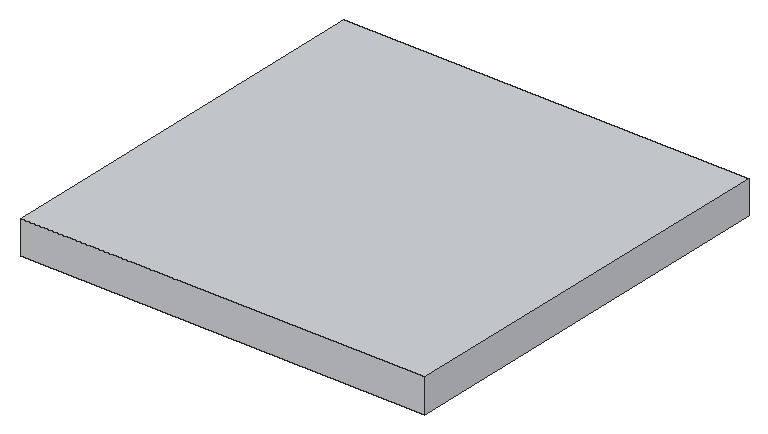
Revit family "DMElétrico_Circuito_Segurança", category Dispositivos de segurança, Revit 2025
Family settings
  Cota do conector redondo = Utilizar diâmetro
  Tipo de parte = Normal
  Com base no plano de trabalho = Não
  Sempre na vertical = Sim
  Corte com vazios quando carregada = Não
  Manter orientação da anotação = Não
  Compartilhado = Não
  Ponto de cálculo do ambiente = Não
Parameters
  Elevação padrão = 0 mm
Reference planes
  plane 1 "Center (Front/Back)": y = 0
  plane 2: z = 0
  plane 3 "Center (Left/Right)": x = 0
Forms (mm)
  Extrusion 1, solid
    sketch origin (0, 0, 0) x (1, 0, 0) y (0, 1, 0)
      loop
        line (-15, 15) -> (-15, -15) -> (15, -15) -> (15, 15) -> (-15, 15)
    from 0 to -2.5
Lines and regions (mm)
  model lines
    curve 1: circle (0, 0, 0) r 15 normal (0, 0, 1)
    curve 2: circle (0, 0, 0) r 15 normal (0, -1, 0)
    curve 3: circle (0, 0, 0) r 15 normal (1, 0, 0)
Dimensions and locks
  aligned and locked: level to plane 2
Connectors
  cabletrayconduit at (0, 0, 0), diameter 32
    settings: on Extrusion 1, index 1, connector width 300 mm, connector height 300 mm, connector angle 0.00°, system type 32, placement type 0, profile type 0, connector reference index -1, is primary connector yes, connector utility param no, connector description ""
  cabletrayconduit at (0, 0, -2.5), diameter 32
    settings: on Extrusion 1, index 2, connector width 300 mm, connector height 300 mm, connector angle 0.00°, system type 32, placement type 0, profile type 0, connector reference index -1, is primary connector no, connector utility param no, connector description ""
  electrical at (0, 0, 0)
    settings: on Extrusion 1, index 3, voltage 0 V, apparent load 0 VA, apparent load phase1 0 VA, apparent load phase2 0 VA, apparent load phase3 0 VA, power factor 1, load classification "Outro", number of poles 1, system type 10, power factor state 1, is connector primary yes, connector utility no, sub classification motor no, connector description ""
